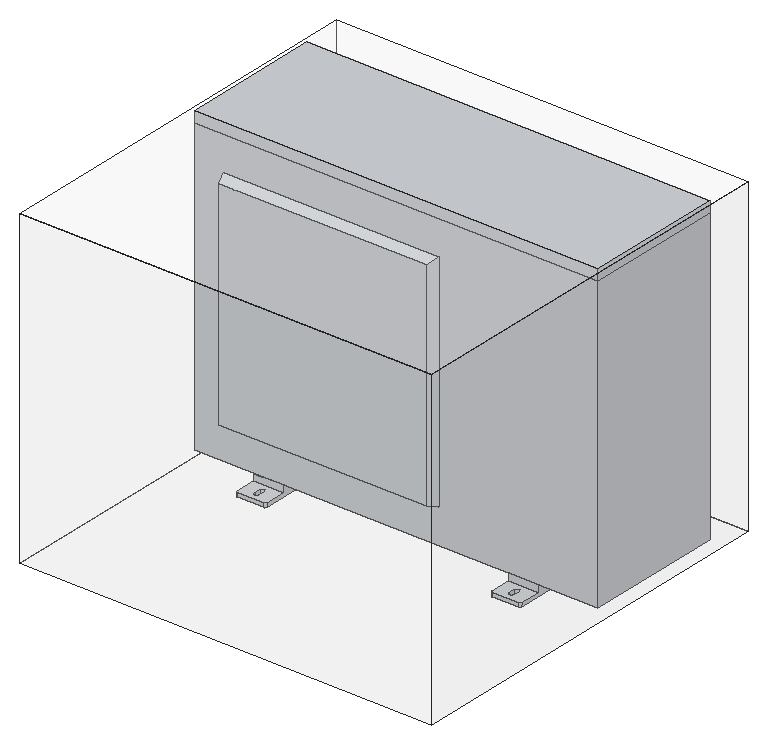
Revit family "puz-ermp80(s)ha_280ka11_50Hz", category 機械設備, Revit 2019 (continued)
Definition of nested family "固定点"
  Automatic sketch dimensions
    curve 3 to curve 8 = 200 mm
    curve 1 to curve 7 = 200 mm
Types (8, lengths in mm): name | 音響パワーレベル（冷）(dB) | 音響パワーレベル(dB) | 電源位置Y | 電源位置Z | 電源位置X | 電動機出力_送風機 | 電動機出力_圧縮機 | 質量 | 製品質量 | 相 | 消費電力_暖房 | 消費電力_冷房 | 消費電力 | 構成品番 | 極数 | 最小電線太さ_mm2 | 暖房能力 | 推奨ブレーカー容量 | 形名 | 価格 | ドレン　位置Z | ドレン　位置Y | ドレン　位置X | 冷房能力 | 冷媒管（ガス）位置X | 冷媒管（液）位置X | 冷媒管（液）位置Y | 冷媒管（ガス）位置Y | 冷媒管径符号 | 冷媒管位置Z | 冷媒管位置Y | 冷媒管位置X | 冷媒液管径 | 冷媒ガス管径 | ユニット3 | ユニット2 | Width | URL | Height | Clearance Right | Clearance Left | Clearance Front | Clearance Back
  (no name) | 68 | 70 | 2 | 459 | 275 | 0.06 kW | 1.6 kW | 67.20 kg | 56.00 kg | 3 | 2.01 kW | 1.98 kW | 2.01 kW | "PUZ-ERMP80HA" | 3 | 1.6 | 8 kW | 20 A | PUZ-ERMP-2 : PUZ-EREMP80 | 668000 | 23 | 111 | 30 | 7.1 kW | 434 | 377 | 290 | 229 | "Bd" | 295 | 259.5 | 405.5 | 9.52 | 15.88 | no | yes | 950 | "https://www.mitsubishielectric.co.jp/ldg/wink/ssl/displayProduct.do?pid=311346" | 740 | 10 | 10 | 500 | 100
  PUZ-ERMP80HA11 | 68 | 70 | 2 | 459 | 275 | 0.06 kW | 1.6 kW | 67.20 kg | 56.00 kg | 3 | 2.01 kW | 1.98 kW | 2.01 kW | "PUZ-ERMP80HA" | 3 | 1.6 | 8 kW | 20 A | PUZ-ERMP-2 : PUZ-EREMP80 | 668000 | 23 | 111 | 30 | 7.1 kW | 434 | 377 | 290 | 229 | "Bd" | 295 | 259.5 | 405.5 | 9.52 | 15.88 | no | yes | 950 | "https://www.mitsubishielectric.co.jp/ldg/wink/ssl/displayProduct.do?pid=311346" | 740 | 10 | 10 | 500 | 100
  PUZ-ERMP112LA11 | 72 | 74 | 5 | 685 | 275 | 0.2 kW | 2.1 kW | 81.60 kg | 68.00 kg | 3 | 2.45 kW | 2.32 kW | 2.45 kW | "PUZ-ERMP112LA11" | 3 | 1.6 | 11.2 kW | 30 A | PUZ-ERMP-4 : PUZ-ERMP112 | 790000 | 23 | 111.4 | 52 | 10 kW | 429 | 372 | 290.5 | 269 | "Bd" | 447 | 279.75 | 400.5 | 9.52 | 15.88 | no | yes | 950 | "https://www.mitsubishielectric.co.jp/ldg/wink/ssl/displayProduct.do?pid=311462" | 1018 | 15 | 15 | 500 | 150
  PUZ-ERMP224KA | 79 | 81 | 2 | 1063 | 325 | 0.3 kW | 4.6 kW | 127.20 kg | 106.00 kg | 3 | 6.52 kW | 6.21 kW | 6.52 kW | "PUZ-ERMP224KA" | 3 | 2 | 22.4 kW | 40 A | PUZ-ZRMP-3 : PUZ-ZRMP224KA | 1449000 | 23 | 176 | 45 | 20 kW | 479 | 423 | 290 | 236 | "Bg" | 450 | 263 | 451 | 9.52 | 25.40 | yes | no | 1050 | "https://www.mitsubishielectric.co.jp/ldg/wink/ssl/displayProduct.do?pid=311354" | 1338 | 15 | 15 | 1000 | 150
  PUZ-ERMP280KA | 82 | 83 | 2 | 1063 | 325 | 0.4 kW | 6 kW | 140.40 kg | 117.00 kg | 3 | 8.62 kW | 9.33 kW | 9.33 kW | "PUZ-ERMP280KA" | 3 | 2 | 28 kW | 50 A | PUZ-ZRMP-3 : PUZ-ZRMP224KA | 1775000 | 26 | 176 | 45 | 25 kW | 479 | 423 | 290 | 236 | "Cg" | 450 | 263 | 451 | 12.70 | 25.40 | yes | no | 1050 | "https://www.mitsubishielectric.co.jp/ldg/wink/ssl/displayProduct.do?pid=311357" | 1338 | 15 | 15 | 1000 | 150
  PUZ-ERMP80SHA11 | 68 | 70 | 2 | 459 | 275 | 0.06 kW | 1.6 kW | 70.80 kg | 59.00 kg | 1 | 2.01 kW | 1.98 kW | 2.01 kW | "PUZ-ERMP80SHA" | 1 | 1.6 | 8 kW | 30 A | PUZ-ERMP-2 : PUZ-EREMP80 | 668000 | 23 | 111 | 30 | 7.1 kW | 434 | 377 | 290 | 229 | "Bd" | 295 | 259.5 | 405.5 | 9.52 | 15.88 | no | yes | 950 | "https://www.mitsubishielectric.co.jp/ldg/wink/ssl/displayProduct.do?pid=311347" | 740 | 10 | 10 | 500 | 100
  PUZ-ERMP140LA11 | 73 | 74 | 5 | 685 | 275 | 0.2 kW | 2.6 kW | 90.00 kg | 75.00 kg | 3 | 3.32 kW | 3.37 kW | 3.37 kW | "PUZ-ERMP140LA11" | 3 | 1.6 | 14 kW | 30 A | PUZ-ERMP-4 : PUZ-ERMP112 | 935000 | 23 | 111.4 | 52 | 12.5 kW | 429 | 372 | 290.5 | 269 | "Bd" | 447 | 279.75 | 400.5 | 9.52 | 15.88 | no | yes | 950 | "https://www.mitsubishielectric.co.jp/ldg/wink/ssl/displayProduct.do?pid=311465" | 1018 | 15 | 15 | 500 | 150
  PUZ-ERMP160LA11 | 74 | 76 | 5 | 685 | 275 | 0.2 kW | 3.5 kW | 90.00 kg | 75.00 kg | 3 | 4.13 kW | 4.27 kW | 4.27 kW | "PUZ-ERMP160LA11" | 3 | 1.6 | 16 kW | 30 A | PUZ-ERMP-4 : PUZ-ERMP112 | 1042000 | 23 | 111.4 | 52 | 14 kW | 429 | 372 | 290.5 | 269 | "Bd" | 447 | 279.75 | 400.5 | 9.52 | 15.88 | no | yes | 950 | "https://www.mitsubishielectric.co.jp/ldg/wink/ssl/displayProduct.do?pid=311351" | 1018 | 15 | 15 | 500 | 150
